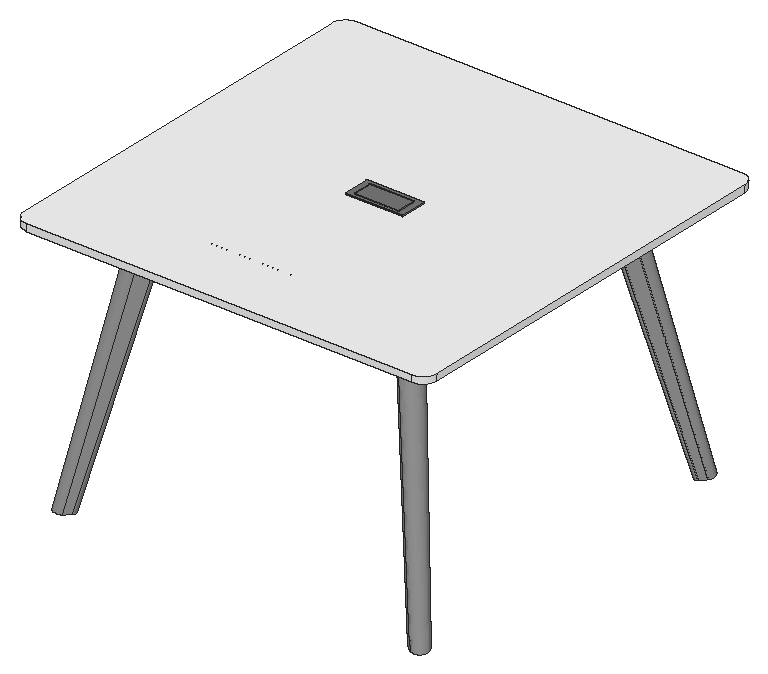
Revit family "GD1 Square Poseur Height", category Furniture, Revit 2016
Family settings
  OmniClass Number = 23.40.20.00
  OmniClass Title = General Furniture and Specialties
  Work Plane-Based = No
  Always vertical = Yes
  Cut with Voids When Loaded = No
  Shared = No
  Room Calculation Point = No
Parameters (values of type "1600 x 1600 C/W Power")
  Width = 1600 mm
  URL = "www.gof.co.uk"
  Table Top = Gresham - White MFC
  Range = "GD1"
  Product Code = "GD1D4"
  Power Module = yes
  Manufacturer = "Gresham Office Furniture"  # constant formula
  Frame = Gresham - Black Metal
  Assembly Code = "E2020200"
Types (7, lengths in mm): name | Width | Product Code | Power Module
  (no name) | 1600 | "GD1D4" | yes
  1600 x 1600 | 1600 | "GD1D2" | no
  1200 x 1200 | 1200 | "GD1E2" | no
  1000 x 1000 | 1000 | "GD1F2" | no
  1600 x 1600 C/W Power | 1600 | "GD1D4" | yes
  1200 x 1200 C/W Power | 1200 | "GD1E4" | yes
  1000 x 1000 C/W Power | 1000 | "GD1F4" | yes
Reference planes
  plane 1 "Center (Front/Back)": y = 0
  plane 2: z = 0
  plane 3 "Center (Left/Right)": x = 0
  plane 4: x = 800
  plane 5: x = -800
  plane 6: y = 800
  plane 7: y = -800
  plane 8 "Foot": z = 10
  plane 9 "Poseur Underside": z = 1004
Forms (mm)
  Extrusion 1, solid, material "Gresham - White MFC" <- "Table Top"
    sketch origin (0, 0, 1004) x (-1, 0, 0) y (0, -1, 0)
      loop
        line (-745, -800) -> (745, -800)
        arc (745, -800) -> (783.891, -783.891) -> (800, -745) r 55
        line (800, -745) -> (800, 745)
        arc (800, 745) -> (783.891, 783.891) -> (745, 800) r 55
        line (745, 800) -> (-745, 800)
        arc (-745, 800) -> (-783.891, 783.891) -> (-800, 745) r 55
        line (-800, 745) -> (-800, -745)
        arc (-800, -745) -> (-783.891, -783.891) -> (-745, -800) r 55
    from 0 to 25
  Extrusion 2, solid, material "Gresham - Black Metal" <- "Frame", detail levels medium+fine
    sketch origin (-115.047, -191.305, -0.834) x (0, 1, 0) y (0, 0, 1)
      loop
        line (-214.939, 967.004) -> (-214.939, 937.004)
        arc (-214.939, 937.004) -> (-199.939, 922.004) -> (-184.939, 937.004) r 15
        line (-184.939, 937.004) -> (-184.939, 967.004)
        arc (-184.939, 967.004) -> (-199.939, 982.004) -> (-214.939, 967.004) r 15
    from -246.282 to 476.376
  Extrusion 3, solid, material "Gresham - Black Metal" <- "Frame", detail levels medium+fine
    sketch origin (-115.047, 191.305, -0.834) x (0, -1, 0) y (0, 0, -1)
      loop
        arc (-214.939, -967.004) -> (-199.939, -982.004) -> (-184.939, -967.004) r 15
        line (-184.939, -967.004) -> (-184.939, -937.004)
        arc (-184.939, -937.004) -> (-199.939, -922.004) -> (-214.939, -937.004) r 15
        line (-214.939, -937.004) -> (-214.939, -967.004)
    from -246.282 to 476.376
  Extrusion 4, solid, material "Gresham - Black Metal" <- "Frame", detail levels medium+fine
    sketch origin (-191.305, -115.047, -0.834) x (1, 0, 0) y (0, 0, -1)
      loop
        arc (-214.939, -967.004) -> (-199.939, -982.004) -> (-184.939, -967.004) r 15
        line (-184.939, -967.004) -> (-184.939, -937.004)
        arc (-184.939, -937.004) -> (-199.939, -922.004) -> (-214.939, -937.004) r 15
        line (-214.939, -937.004) -> (-214.939, -967.004)
    from -246.282 to 476.376
  Extrusion 5, solid, material "Gresham - Black Metal" <- "Frame", detail levels medium+fine
    sketch origin (191.305, -115.047, -0.834) x (-1, 0, 0) y (0, 0, 1)
      loop
        line (-214.939, 967.004) -> (-214.939, 937.004)
        arc (-214.939, 937.004) -> (-199.939, 922.004) -> (-184.939, 937.004) r 15
        line (-184.939, 937.004) -> (-184.939, 967.004)
        arc (-184.939, 967.004) -> (-199.939, 982.004) -> (-214.939, 967.004) r 15
    from -246.282 to 476.376
Dimensions and locks
  equal spacing: plane 5, plane 3 "Center (Left/Right)", plane 4
  "Width": plane 5 to plane 4
  equal spacing: plane 7, plane 1 "Center (Front/Back)", plane 6
  "Width": plane 7 to plane 6
  locked: plane 8 "Foot" to plane 2 at 10
  locked: plane 9 "Poseur Underside" to plane 2 at 1004
  locked: Extrusion 1 to level at 1029
  Extrusion 2 sketch curve to Extrusion 2 sketch curve = 30 mm
  locked: plane 7 to nested 1 at 190.919
  locked: plane 5 to nested 1 at 135
  nested 1 to plane 7 = 135 mm
  locked: plane 7 to nested 2 at 190.919
  locked: plane 6 to nested 3 at 190.919
  locked: plane 6 to nested 4 at 190.919
  Extrusion 3 sketch curve to Extrusion 3 sketch curve = 30 mm
  locked: Extrusion 3 to plane 4 at 438.671
  locked: plane 5 to Extrusion 3 at 438.671
  locked: plane 5 to Extrusion 2 at 438.671
  locked: Extrusion 2 to plane 4 at 438.671
  locked: Extrusion 2 to plane 7 at 393.757
  locked: plane 6 to Extrusion 3 at 393.757
  locked: Extrusion 4 to plane 6 at 438.671
  locked: Extrusion 4 to plane 7 at 438.671
  locked: Extrusion 4 to plane 5 at 393.757
  locked: plane 4 to Extrusion 5 at 393.757
  locked: Extrusion 5 to plane 6 at 438.671
  locked: plane 7 to Extrusion 5 at 438.671
  aligned and locked: level to plane 2
Automatic sketch dimensions
  Extrusion 1 sketch curve to plane 4 = 0 mm
  Extrusion 1 sketch curve to plane 7 = 0 mm
  plane 6 to Extrusion 1 sketch curve = 0 mm
  Extrusion 1 sketch curve to plane 5 = 0 mm
  Extrusion 1 sketch curve to plane 4 = 55 mm  (x2)
  plane 5 to Extrusion 1 sketch curve = 55 mm  (x2)
  Extrusion 2 sketch curve to plane 9 "Poseur Underside" = 37.83 mm
  plane 1 "Center (Front/Back)" to Extrusion 2 sketch curve = 406.243 mm
  Extrusion 2 sketch curve to Extrusion 2 sketch curve = 30 mm
  Extrusion 3 sketch curve to plane 9 "Poseur Underside" = 37.83 mm
  Extrusion 3 sketch curve to plane 1 "Center (Front/Back)" = 406.243 mm
  Extrusion 3 sketch curve to Extrusion 3 sketch curve = 30 mm
  Extrusion 4 sketch curve to plane 9 "Poseur Underside" = 37.83 mm
  Extrusion 4 sketch curve to plane 3 "Center (Left/Right)" = 406.243 mm
  Extrusion 4 sketch curve to Extrusion 4 sketch curve = 15 mm
  Extrusion 4 sketch curve to Extrusion 4 sketch curve = 30 mm
  Extrusion 5 sketch curve to plane 9 "Poseur Underside" = 37.83 mm
  plane 3 "Center (Left/Right)" to Extrusion 5 sketch curve = 406.243 mm
  Extrusion 5 sketch curve to Extrusion 5 sketch curve = 15 mm
  Extrusion 5 sketch curve to Extrusion 5 sketch curve = 30 mm
Nested families
  nested 1: "Poseur Height Leg" at (200.329, -279.345, 0), type "Poseur Height Leg", detail levels medium+fine
  nested 2: "Poseur Height Leg" at (-200.329, -279.345, 0) x (-1, 0, 0) z (0, 0, 1), type "Poseur Height Leg", detail levels medium+fine
  nested 3: "Poseur Height Leg" at (200.329, 279.345, 0), type "Poseur Height Leg", detail levels medium+fine
  nested 4: "Poseur Height Leg" at (-200.329, 279.345, 0) x (-1, 0, 0) z (0, 0, 1), type "Poseur Height Leg", detail levels medium+fine
  nested 5: "Power Module" at (0, 0, 300), visible <- "Power Module", type "Power Module", detail levels medium+fine
Definition of nested family "Poseur Height Leg"
  Parameters (values of type "Poseur Height Leg")
    Width = 2000 mm
    URL = "www.gof.co.uk"
    Range = "GD1"
    Product Code = ""
    Manufacturer = "Gresham Office Furniture"  # constant formula
    Leg Plate = none
    Leg = none
    Frame = none
    Foot = none
    Depth = 1000 mm
    Assembly Code = "E2020200"
  Reference planes
    plane 1 "Center (Front/Back)": y = 0
    plane 2: z = 0
    plane 3 "Center (Left/Right)": x = 0
    plane 4: x = -1000
    plane 5: x = 1000
    plane 6: y = 500
    plane 7: y = -500
    plane 8 "Foot": z = 10
    plane 9 "Table Underside": z = 704
    plane 10 "Poseur Underside": z = 1004
  Forms (mm)
    Blend 1, solid, material <- "Leg"
      base sketch origin (0, 0, 10) x (-1, 0, 0) y (0, -1, 0)
        loop
          line (896.68, 370.671) -> (916.782, 392.997)
          arc (916.782, 392.997) -> (915.657, 435.982) -> (872.671, 437.108) r 31.234
          line (872.671, 437.108) -> (850.346, 417.006)
          arc (850.346, 417.006) -> (846.71, 409.121) -> (849.928, 401.056) r 10.998
          line (849.928, 401.056) -> (865.329, 385.655) -> (880.73, 370.254)
          arc (880.73, 370.254) -> (888.795, 367.036) -> (896.68, 370.671) r 10.998
      top sketch origin (0, 0, 704) x (-1, 0, 0) y (0, -1, 0)
        loop
          line (637.609, 203.812) -> (683.571, 157.85)
          arc (683.571, 157.85) -> (690.642, 154.921) -> (697.713, 157.85) r 10
          line (697.713, 157.85) -> (740.092, 200.228)
          arc (740.092, 200.228) -> (740.092, 260.332) -> (679.987, 260.332) r 42.5
          line (679.987, 260.332) -> (637.609, 217.954)
          arc (637.609, 217.954) -> (634.68, 210.883) -> (637.609, 203.812) r 10
      from 0 to 295
    Extrusion 2, solid, material <- "Leg Plate"
      sketch origin (0, 0, 1004) x (-1, 0, 0) y (0, -1, 0)
        loop
          line (696.855, 156.991) -> (740.092, 200.228)
          arc (740.092, 200.228) -> (740.092, 260.332) -> (679.987, 260.332) r 42.5
          line (679.987, 260.332) -> (636.751, 217.095)
          arc (636.751, 217.095) -> (631.556, 213.625) -> (625.43, 212.406) r 16.01
          line (625.43, 212.406) -> (588.193, 212.406)
          arc (588.193, 212.406) -> (580.65, 208.975) -> (578.28, 201.036) r 10.007
          arc (578.28, 201.036) -> (612.304, 132.544) -> (680.795, 98.52) r 119.987
          arc (680.795, 98.52) -> (688.735, 100.891) -> (692.165, 108.433) r 10.007
          line (692.165, 108.433) -> (692.165, 145.67)
          arc (692.165, 145.67) -> (693.384, 151.797) -> (696.855, 156.991) r 16.01
      from 0 to -5
    Revolve 3, solid, material <- "Foot"
      sketch origin (0.262, -411.941, 0) x (1, 0, 0) y (0, 0, 1)
        loop
          line (-891.876, 10) -> (-891.876, 0) -> (-879.373, 0) -> (-879.373, 7.017) -> (-886.876, 7.017) -> (-886.876, 10) -> (-891.876, 10)
        axis (-891.876, 10) -> (-891.876, 0)
      angle from 0 to 360
    Extrusion 4, solid, material <- "Frame"
      sketch origin (-249.642, -609.237, 300) x (-0.707107, 0.707107, 0) y (0, 0, -1)
        loop
          arc (608.727, -636.17) -> (593.513, -620.956) -> (578.299, -636.17) r 15.214
          line (578.299, -636.17) -> (578.299, -666.17)
          arc (578.299, -666.17) -> (593.513, -681.384) -> (608.727, -666.17) r 15.214
          line (608.727, -666.17) -> (608.727, -636.17)
      from -79.83 to 20.17
    Extrusion 5, solid, material <- "Frame"
      sketch origin (102.07, -2.07, 310) x (-1, 0, 0) y (0, -1, 0)
        loop
          line (675.226, 79.83) -> (712.228, 79.83) -> (712.228, 98.023)
          arc (712.228, 98.023) -> (712.989, 101.85) -> (715.157, 105.094) r 10
          line (715.157, 105.094) -> (728.023, 117.96) -> (701.86, 144.123) -> (688.994, 131.257)
          arc (688.994, 131.257) -> (685.75, 129.089) -> (681.923, 128.328) r 10
          line (681.923, 128.328) -> (663.728, 128.328) -> (663.728, 91.328)
          arc (663.728, 91.328) -> (671.859, 87.96) -> (675.226, 79.83) r 11.498
      from 608.17 to 674.17
  Dimensions and locks
    equal spacing: plane 4, plane 3 "Center (Left/Right)", plane 5
    "Width": plane 4 to plane 5
    equal spacing: plane 6, plane 1 "Center (Front/Back)", plane 7
    "Depth": plane 6 to plane 7
    locked: plane 8 "Foot" to plane 2 at 10
    locked: plane 9 "Table Underside" to plane 2 at 704
    locked: plane 10 "Poseur Underside" to plane 2 at 1004
    aligned and locked: level to plane 2
Definition of nested family "Power Module"
  Parameters (values of type "Power Module")
    URL = "www.gof.co.uk"
    Range = "GD1"
    Product Code = ""
    Power Module = none
    Manufacturer = "Gresham Office Furniture"  # constant formula
    Assembly Code = "E2020200"
  Reference planes
    plane 1 "Center (Front/Back)": y = 0
    plane 2: z = 0
    plane 3 "Center (Left/Right)": x = 0
    plane 4: x = 1000
    plane 5: x = -1000
    plane 6: y = 500
    plane 7: y = -500
    plane 8 "Foot": z = 10
    plane 9 "Table Underside": z = 704
  Forms (mm)
    Extrusion 1, solid, material <- "Power Module"
      sketch origin (415.968, 0, 729) x (-1, 0, 0) y (0, -1, 0)
        loop
          line (305.968, -52.5) -> (520.968, -52.5)
          arc (520.968, -52.5) -> (524.503, -51.036) -> (525.968, -47.5) r 5
          line (525.968, -47.5) -> (525.968, 47.5)
          arc (525.968, 47.5) -> (524.503, 51.036) -> (520.968, 52.5) r 5
          line (520.968, 52.5) -> (305.968, 52.5)
          arc (305.968, 52.5) -> (302.432, 51.036) -> (300.968, 47.5) r 5
          line (300.968, 47.5) -> (300.968, -47.5)
          arc (300.968, -47.5) -> (302.432, -51.036) -> (305.968, -52.5) r 5
        loop
          line (500.968, 0) -> (500.968, 34.5)
          arc (500.968, 34.5) -> (500.089, 36.621) -> (497.968, 37.5) r 3
          line (497.968, 37.5) -> (333.968, 37.5)
          arc (333.968, 37.5) -> (331.846, 36.621) -> (330.968, 34.5) r 3
          line (330.968, 34.5) -> (330.968, 0) -> (330.968, -34.5)
          arc (330.968, -34.5) -> (331.846, -36.621) -> (333.968, -37.5) r 3
          line (333.968, -37.5) -> (497.968, -37.5)
          arc (497.968, -37.5) -> (500.089, -36.621) -> (500.968, -34.5) r 3
          line (500.968, -34.5) -> (500.968, 0)
        loop
          line (333.968, -39.5) -> (497.968, -39.5)
          arc (497.968, -39.5) -> (501.503, -38.036) -> (502.968, -34.5) r 5
          line (502.968, -34.5) -> (502.968, 0) -> (502.968, 34.5)
          arc (502.968, 34.5) -> (501.503, 38.036) -> (497.968, 39.5) r 5
          line (497.968, 39.5) -> (333.968, 39.5)
          arc (333.968, 39.5) -> (330.432, 38.036) -> (328.968, 34.5) r 5
          line (328.968, 34.5) -> (328.968, 0) -> (328.968, -34.5)
          arc (328.968, -34.5) -> (330.432, -38.036) -> (333.968, -39.5) r 5
      from 0 to 3
  Dimensions and locks
    equal spacing: plane 5, plane 3 "Center (Left/Right)", plane 4
    plane 5 to plane 4 = 2000 mm
    equal spacing: plane 7, plane 1 "Center (Front/Back)", plane 6
    plane 7 to plane 6 = 1000 mm
    locked: plane 8 "Foot" to plane 2 at 10
    locked: plane 9 "Table Underside" to plane 2 at 704
    equal spacing: Extrusion 1 sketch curve, plane 1 "Center (Front/Back)", Extrusion 1 sketch curve
    locked: Extrusion 1 to Extrusion 1 at 225
    locked: Extrusion 1 to Extrusion 1 at 105
    equal spacing: Extrusion 1, plane 1 "Center (Front/Back)", Extrusion 1
    aligned and locked: level to plane 2
  Automatic sketch dimensions
    Extrusion 1 sketch curve to Extrusion 1 sketch curve = 0 mm  (x18)
    Extrusion 1 sketch curve to Extrusion 1 sketch curve = 5 mm  (x3)
    Extrusion 1 sketch curve to Extrusion 1 sketch curve = 23 mm
    Extrusion 1 sketch curve to Extrusion 1 sketch curve = 2 mm
    Extrusion 1 sketch curve to Extrusion 1 sketch curve = 3 mm  (x3)
    Extrusion 1 sketch curve to Extrusion 1 sketch curve = 164 mm
    Extrusion 1 sketch curve to Extrusion 1 sketch curve = 18 mm  (x2)
    Extrusion 1 sketch curve to Extrusion 1 sketch curve = 8 mm
    Extrusion 1 sketch curve to Extrusion 1 sketch curve = 34.5 mm  (x2)
    Extrusion 1 sketch curve to Extrusion 1 sketch curve = 13 mm
    plane 1 "Center (Front/Back)" to Extrusion 1 sketch curve = 0 mm
    plane 3 "Center (Left/Right)" to Extrusion 1 sketch curve = 115 mm
